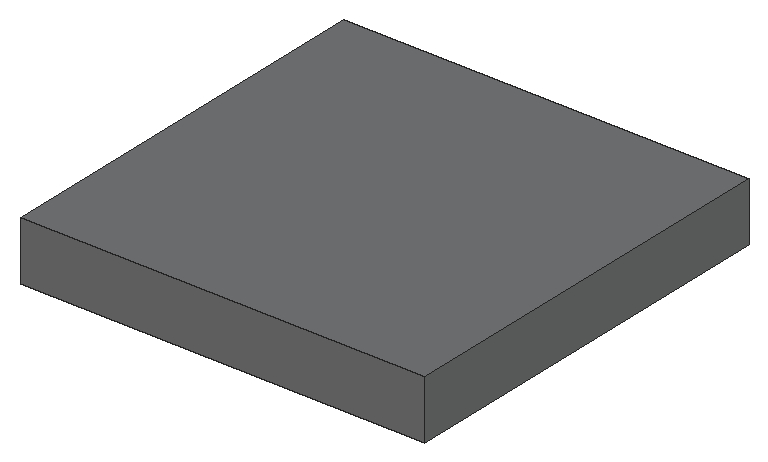
Revit family "Gira_026828", category Electrical Fixtures, host Face, Revit 2017
Family settings
  Host = Face
  Maintain Annotation Orientation = No
  Round Connector Dimension = Use Diameter
  Part Type = Normal
  Cut with Voids When Loaded = No
  Shared = No
  Room Calculation Point = No
Parameters (values of type "Blindabd. Tragring System 55 Anthrazit")
  Zusammenstellung = "Zentralplatte"
  Werkstoffgüte = "sonstige"
  Werkstoff = "sonstige"
  Verwendung = "Blindabdeckung"
  URL = "http://katalog.gira.de/de_DE/datenblatt.html?artikelnr=026828"
  Transparent = "No"
  Tragring = "Yes"
  Region = "DE"
  Oberfläche = "sonstige"
  Name = "Blindabd. Tragring System 55 Anthrazit"
  Montageart = "unter Putz"
  Mit Zugentlastung = "No"
  Mit Staubschutz = "No"
  Mit Klappdeckel = "No"
  Mit Aufdruck = "No"
  Manufacturer URL = "https://www.gira.de/"
  Lüsterklemme = "No"
  Keynote = "Sys55_Abdeckung_Schalten und Tasten"
  HeinzeBIM = "https://bimportal.heinze.de/bim/blindabd-tragring-system-55-anthrazit/7f3e2bd677397e55877b72f0f19d3fd5c749fbce"
  Halogenfrei = "Yes"
  HAN = "026828"
  Geeignet für Schutzart (IP) = "IP20"
  GTIN = "4010337268284"
  Farbe = "anthrazit"
  Default Elevation = 1219.2 mm
  Data sheet (1) = "https://katalog.gira.de/de_DE/download.html?artikelnr=026828"
  Category = "Einsatz/Abdeckung für Kommunikationstechnik"
  Beschriftungsfeld = "ohne Beschriftungsfeld"
  Befestigungsart = "Befestigung mit Schraube"
  Available = "Yes"
  Ausführung der Oberfläche = "nicht zutreffend"
  Anthrazit [instance] = Anthrazit
Reference planes
  plane 1 "Center (Front/Back)": y = 0
  plane 2: z = 0
  plane 3 "Center (Left/Right)": x = 0
Forms (mm)
  Extrusion 1, solid, material "Anthrazit" <- "Anthrazit", detail levels fine
    sketch origin (0, 0, 0) x (1, 0, 0) y (0, 1, 0)
      loop
        line (-27.5, 27.5) -> (-27.5, -27.5) -> (27.5, -27.5) -> (27.5, 27.5) -> (-27.5, 27.5)
    from 0 to 8
  Extrusion 2, void
    sketch origin (0, 0, 0) x (1, 0, 0) y (0, 1, 0)
      loop
        line (26, 26) -> (-26, 26) -> (-26, -26) -> (26, -26) -> (26, 26)
    from 0 to 6
  Extrusion 3, solid, material "Anthrazit" <- "Anthrazit", detail levels medium
    sketch origin (0, 0, 0) x (1, 0, 0) y (0, 1, 0)
      loop
        line (-27.5, 27.5) -> (-27.5, -27.5) -> (27.5, -27.5) -> (27.5, 27.5) -> (-27.5, 27.5)
    from 0 to 8
  Extrusion 4, solid, material "Anthrazit" <- "Anthrazit", detail levels medium
    sketch origin (0, 0, 0) x (1, 0, 0) y (0, 1, 0)
      loop
        line (11, -17.5) -> (11, 17.5) -> (-11, 17.5) -> (-11, -17.5) -> (11, -17.5)
    from -6 to 6
  Extrusion 5, solid, material "Anthrazit" <- "Anthrazit", detail levels fine
    sketch origin (0, 0, 0) x (1, 0, 0) y (0, 1, 0)
      loop
        line (11, 17.5) -> (-11, 17.5) -> (-11, 16.5) -> (11, 16.5) -> (11, 17.5)
      loop
        line (-11, -16.5) -> (-11, -17.5) -> (11, -17.5) -> (11, -16.5) -> (-11, -16.5)
    from -4 to 6
  Extrusion 6, solid, material "Anthrazit" <- "Anthrazit", detail levels fine
    sketch origin (0, 0, 0) x (1, 0, 0) y (0, 1, 0)
      loop
        arc (5, 9.347) -> (0, 10.6) -> (-5, 9.347) r 10.6
        line (-5, 9.347) -> (-5, -9.347)
        arc (-5, -9.347) -> (0, -10.6) -> (5, -9.347) r 10.6
        line (5, -9.347) -> (5, 9.347)
    from -6 to 6
  Extrusion 7, solid, material "Anthrazit" <- "Anthrazit", detail levels coarse
    sketch origin (0, 0, 0) x (1, 0, 0) y (0, 1, 0)
      loop
        line (-27.5, 27.5) -> (-27.5, -27.5) -> (27.5, -27.5) -> (27.5, 27.5) -> (-27.5, 27.5)
    from -6 to 8
Cuts and joins
  Extrusion 2 cuts Extrusion 1
Dimensions and locks
  aligned and locked: plane 2 to host face
  aligned and locked: level to host face
